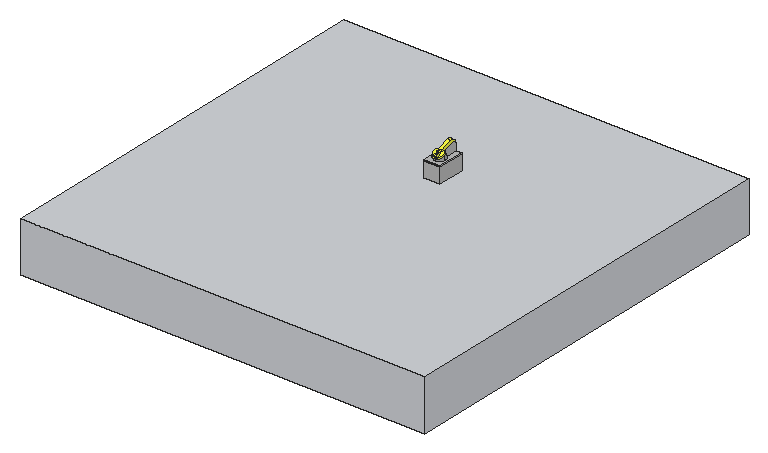
Revit family "LEGRAND_NON INTERLOCKED SOCKETS_SURFACE MOUNTED_IP44_110", category Installations électriques, Revit 2018
Family settings
  Hôte = Face
  Conserver l'orientation des annotations = Non
  Cote de connecteur circulaire = Utiliser le diamètre
  Type d'élément = Normal
  Couper avec des vides une fois chargée = Non
  Partagée = Non
  Point de calcul de pièce = Non
Parameters (values of type "panel mounting socket  Hypra  IP44   32 A  110 V   2P+E  plast surface mounting")
  width mm = 102 mm
  vertical fixing distance mm = 70 mm
  resistance to chocks IK = "09"
  protection class IP = "IP44"
  material of box = "plastic"
  intensity A = 32 A
  horizontal fixing distance mm = 70 mm
  height mm = 162 mm
  halogen free = yes
  h1 = 0.6 * height mm  # 97.2 mm
  depth mm = 143 mm
  depth for flush mounting mm = 90 mm
  connecting type = "screw terminals"
  characteristic color = "yellow"
  Tension V = "110 V  50/60 Hz yellow"
  Standard IEC or NFC = "IEC"
  Ray = Dia bouchon / 2  # 30.6 mm
  RAY BOUCHON = Dia bouchon / 2  # 30.6 mm
  Position of earth h = 4
  Number of poles = 3
  Modèle = "051921"
  Minimum use temperature = "-50°C"
  Minimum installation temperature = "-20°C"
  Maximum use temperature = "100°C"
  Maximum installation temperature = "40°C"
  General Conditions of Use = "https://export.legrand.com/en/terms-of-use-BIM-objects"
  Flush E or Surface mounting S = "flush and surface mounting"
  Fabricant = "Legrand"  # constant formula
  Elévation par défaut = 1000 mm
  Dia bouchon = 0.6 * width mm  # 61.2 mm
  Description = "international standard socket for flush or surface mounting with accessory allows the connection of power devices"
Types (6, lengths in mm): name | width mm | vertical fixing distance mm | resistance to chocks IK | material of box | intensity A | horizontal fixing distance mm | height mm | h1 | depth mm | depth for flush mounting mm | Ray | RAY BOUCHON | Modèle | Dia bouchon
  (no name) | 102 | 70 | "09" | "plastic" | 32 A | 70 | 162 | 97.2 | 143 | 90 | 30.6 | 30.6 | "051921" | 61.2
  panel mounting socket  Hypra  IP44   16 A  110 V   2P+E  plast surface box for passage wiring | 86 | 70 | "09" | "plastic" | 16 A | 70 | 182 | 109.2 | 115 | 75 | 25.8 | 25.8 | "051920" | 51.6
  panel mounting socket  Hypra  IP44   32 A  110 V   2P+E  plast surface box for passage wiring | 102 | 70 | "09" | "plastic" | 32 A | 70 | 162 | 97.2 | 143 | 90 | 30.6 | 30.6 | "051921" | 61.2
  panel mounting socket  Hypra  IP44   16 A  110 V   2P+E  métal surface mounting | 74 | 60 | "10" | "metal" | 16 A | 52 | 106 | 63.6 | 98 | 58 | 22.2 | 22.2 | "051930" | 44.4
  panel mounting socket  Hypra  IP44   16 A  110 V   2P+E  plast surface mounting | 74 | 70 | "09" | "plastic" | 16 A | 70 | 106 | 63.6 | 98 | 58 | 22.2 | 22.2 | "051920" | 44.4
  panel mounting socket  Hypra  IP44   32 A  110 V   2P+E  plast surface mounting | 102 | 70 | "09" | "plastic" | 32 A | 70 | 162 | 97.2 | 143 | 90 | 30.6 | 30.6 | "051921" | 61.2
Reference planes
  plane 1 "Centre (avant/arrière)": y = 0
  plane 2: z = 0
  plane 3 "Centre (gauche/droite)": x = 0
  plane 4: z = 0
  plane 5: z = 143
  plane 6: x = -51
  plane 7: x = 51
  plane 8: y = 97.2
  plane 9: y = -64.8
  plane 10: z = 90
  plane 11: z = 95.5
  plane 12: x = -16
  plane 13: x = 16
  plane 14: x = 11
  plane 15: x = -11
  plane 16: z = 123
  plane 17: y = 77.2
  plane 18: y = 66.2
  plane 19: z = 133
Forms (mm)
  Extrusion 1, solid
    sketch origin (-66.799, -339.2, 0) x (1, 0, 0) y (0, 1, 0)
      loop
        line (-1219.2, 1219.2) -> (-1219.2, -1219.2) -> (1219.2, -1219.2) -> (1219.2, 1219.2) -> (-1219.2, 1219.2)
    from 0 to -304.8
  Extrusion 2, solid, material "Legrand - Plastique gris"
    sketch origin (0, -15.481, 132.534) x (1, 0, 0) y (0, 0.939693, 0.34202)
      loop
        circle (0, 0) r 30.6
    from -12.32 to -129.902
  Extrusion 3, solid, material "Legrand - Plastique gris"
    sketch origin (0, -1506.027, 90) x (0, -1, 0) y (1, 0, 0)
      loop
        line (-1603.227, -51) -> (-1441.227, -51) -> (-1441.227, 51) -> (-1603.227, 51) -> (-1603.227, -51)
    from 0 to 5.5
  Revolve 4, solid, material "Legrand - Plastique jaune"
    sketch origin (0, 0, 90) x (0, -0.34202, 0.939693) y (0, -0.939693, -0.34202)
      loop
        arc (45.264, 0) -> (43.833, 15.607) -> (39.266, 30.6) r 76.848
        line (39.266, 30.6) -> (32.944, 30.6) -> (32.944, 0) -> (45.264, 0)
      axis (32.944, 0) -> (45.264, 0)
    angle from 0 to 360
  Extrusion 5, solid, material "Legrand - Plastique gris"
    sketch origin (0, 0, 0) x (0, 1, 0) y (0, 0, 1)
      loop
        line (-11.268, 120.958) -> (-2.002, 95.5) -> (97.2, 95.5) -> (97.2, 124.342)
        arc (97.2, 124.342) -> (92.389, 141.488) -> (79.832, 154.115) r 35.36
        line (79.832, 154.115) -> (-11.268, 120.958)
    from -16 to 16
  Extrusion 6, solid, material "Legrand - Plastique gris"
    sketch origin (0, 0, 0) x (0, 1, 0) y (0, 0, 1)
      loop
        line (97.2, 90) -> (-64.8, 90) -> (-64.8, 0) -> (97.2, 0) -> (97.2, 90)
    from -51 to 51
  Extrusion 7, solid, material "Legrand - Plastique jaune"
    sketch origin (0, 0, 0) x (0, 1, 0) y (0, 0, 1)
      loop
        line (66.2, 162.264) -> (-52.044, 119.226) -> (-40.022, 110.492) -> (0, 125.059) -> (0, 95.5) -> (95.7, 95.5) -> (95.7, 133)
        arc (95.7, 133) -> (90.23, 156.987) -> (66.2, 162.264) r 22.967
    from -11 to 11
  Extrusion 8, solid, material "Legrand - Plastique jaune"
    sketch origin (0, -40.022, 110.492) x (0, -0.809017, 0.587785) y (1, 0, 0)
      loop
        line (0, 11) -> (0, -11) -> (14.9, -11)
        arc (14.9, -11) -> (25.9, 0) -> (14.9, 11) r 11
        line (14.9, 11) -> (0, 11)
    from 0 to 5.558
Cuts and joins
  joined: Extrusion 2, Extrusion 3, Extrusion 5
  joined: Extrusion 7, Extrusion 8
Lines and regions (mm)
  reference lines
    curve 1: line (0, 0, 90) -> (0, -15.481, 132.534)
    curve 2: line (0, -15.481, 132.534) -> (0, -44.236, 122.068)
    curve 3: line (0, -15.481, 132.534) -> (0, 13.273, 143)
    curve 4: line (0, 0, 90) -> (0, 28.948, 10.466)
    curve 5: line (0, 28.948, 10.466) -> (0, 57.703, 20.932)
    curve 6: line (0, 28.948, 10.466) -> (0, 0.193, 0)
    curve 7: line (0, -11.268, 120.958) -> (0, -40.022, 110.492)
    curve 8: line (0, -11.268, 120.958) -> (0, 17.487, 131.423)
    curve 9: line (0, -40.022, 110.492) -> (0, -60.248, 125.186)
Dimensions and locks
  "depth mm": plane 5 to plane 4
  "height mm": plane 8 to plane 9
  equal spacing: plane 6, plane 3 "Centre (gauche/droite)", plane 7
  "width mm": plane 6 to plane 7
  "depth for flush mounting mm": plane 10 to plane 4
  equal spacing: curve 2, curve 1, curve 3
  "Dia bouchon": curve 3 to curve 2
  equal spacing: curve 5, curve 4, curve 6
  "Dia bouchon": curve 5 to curve 6
  equal spacing: curve 8, curve 1, curve 7
  "Dia bouchon": curve 7 to curve 8
  curve 8 to curve 3 = 12.32 mm
  "h1": plane 8 to plane 1 "Centre (avant/arrière)"
  locked: plane 11 to plane 10 at 5.5
  plane 12 to plane 3 "Centre (gauche/droite)" to plane 13 = 16 mm, 16 mm
  locked: Revolve 4 sketch curve to curve 2 at 5.998
  locked: plane 14 to plane 13 at 5
  locked: plane 12 to plane 15 at 5
  locked: Extrusion 7 sketch curve to plane 8 at 1.5
  "RAY BOUCHON": Revolve 4 sketch curve to Revolve 4 sketch curve
  locked: plane 17 to plane 8 at 20
  locked: plane 16 to plane 5 at 20
  locked: plane 18 to plane 8 at 31
  locked: plane 5 to plane 19 at 10
  locked: Extrusion 8 sketch curve to Extrusion 8 sketch curve at 14.9
  "Ray": radius of Extrusion 2 sketch curve
  locked: plane 1 "Centre (avant/arrière)" to curve 1 (angle 20.00°)
  locked: curve 3 to curve 1 (angle 90.00°)
  locked: curve 1 to curve 2 (angle 90.00°)
  locked: curve 4 to plane 1 "Centre (avant/arrière)" (angle 20.00°)
  locked: curve 4 to curve 5 (angle 90.00°)
  locked: curve 6 to curve 4 (angle 90.00°)
  locked: curve 7 to curve 1 (angle 90.00°)
  locked: curve 1 to curve 8 (angle 90.00°)
  locked: plane 9 to curve 9 (angle 54.00°)
  aligned and locked: plane 2 to Extrusion 1
  aligned and locked: level to Extrusion 1
  aligned and locked: plane 10 to curve 1
  aligned and locked: plane 1 "Centre (avant/arrière)" to curve 1
  aligned and locked: plane 5 to curve 3
  aligned and locked: plane 4 to curve 6
  aligned and locked: Extrusion 2 to curve 4
  aligned and locked: Extrusion 3 to plane 10
  aligned and locked: curve 7 to curve 8
  aligned and locked: plane 11 to Extrusion 5 sketch curve
  aligned and locked: curve 8 to Extrusion 5 sketch curve
  aligned and locked: Extrusion 6 to plane 6
  aligned and locked: plane 7 to Extrusion 6
  aligned and locked: plane 2 to plane 4
  aligned and locked: Extrusion 2 to curve 7
  aligned and locked: Extrusion 5 to curve 1
  aligned and locked: Revolve 4 sketch curve to curve 7
  aligned and locked: Extrusion 5 sketch curve to plane 8
  aligned and locked: Extrusion 7 sketch curve to curve 2
  aligned and locked: Extrusion 7 sketch curve to curve 7
  aligned and locked: cut or joined group of Extrusion 2, Extrusion 3, Extrusion 5 to Extrusion 7 sketch curve  (x2)
  aligned and locked: Extrusion 7 to plane 15
  aligned and locked: Extrusion 7 to plane 14
  aligned and locked: plane 18 to Extrusion 7 sketch curve
  aligned and locked: plane 19 to Extrusion 7 sketch curve
  aligned and locked: Extrusion 8 to curve 9  (x2)
  aligned and locked: Extrusion 8 to Extrusion 7 sketch curve
Automatic sketch dimensions
  Extrusion 1 sketch curve to Extrusion 1 sketch curve = 2438.4 mm  (x2)
  Extrusion 3 sketch curve to plane 7 = 0 mm
  Extrusion 3 sketch curve to plane 8 = 0 mm
  Extrusion 3 sketch curve to plane 6 = 0 mm
  Extrusion 3 sketch curve to plane 9 = 0 mm
  Extrusion 6 sketch curve to plane 9 = 0 mm
  Extrusion 6 sketch curve to level = 0 mm
  Extrusion 6 sketch curve to plane 8 = 0 mm
  Extrusion 6 sketch curve to plane 10 = 0 mm
  plane 17 to Extrusion 5 sketch curve = 2.632 mm
  Extrusion 5 sketch curve to plane 16 = 1.342 mm
  plane 1 "Centre (avant/arrière)" to Extrusion 5 sketch curve = 2.002 mm
  Extrusion 5 sketch curve to plane 16 = 0.671 mm
  Extrusion 8 sketch curve to curve 9 = 0 mm
  Extrusion 8 sketch curve to curve 9 = 11 mm
  Extrusion 8 sketch curve to curve 9 = 10.1 mm
  Extrusion 8 sketch curve to Extrusion 8 sketch curve = 0 mm
  Extrusion 7 sketch curve to plane 1 "Centre (avant/arrière)" = 0 mm
  Extrusion 2 sketch curve to plane 3 "Centre (gauche/droite)" = 0 mm
  Revolve 4 sketch curve to curve 1 = 0 mm  (x5)
  Revolve 4 sketch curve to curve 1 = 0.825 mm
Connectors
  electrical at (0, 16.2, 90)
    settings: on cut or joined group of Extrusion 2, Extrusion 3, Extrusion 5, index 1, voltage 0 V, apparent load 0 VA, apparent load phase1 0 VA, apparent load phase2 0 VA, apparent load phase3 0 VA, power factor 1, load classification "Autre", number of poles 1, system type 31, power factor state 1, is connector primary yes, connector utility no, sub classification motor no, connector description ""
